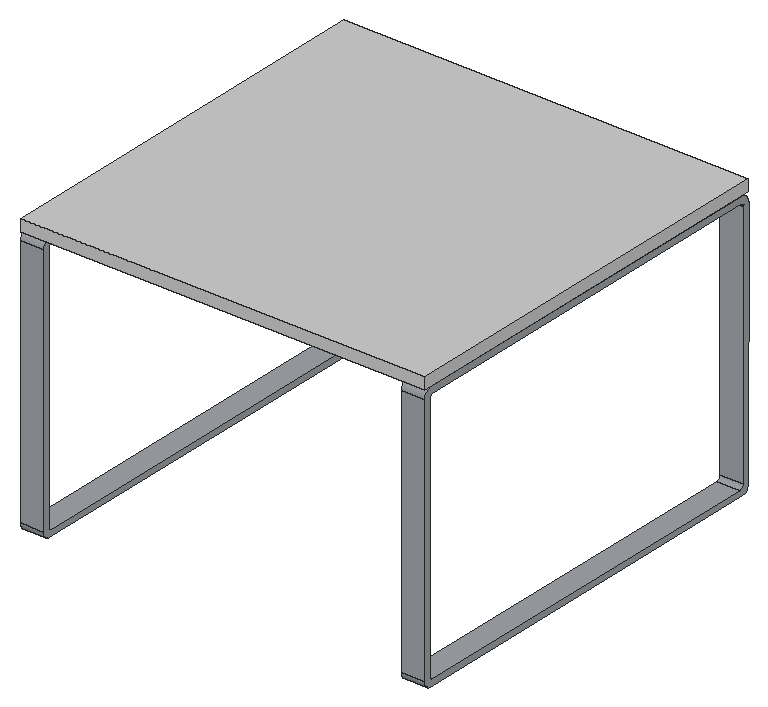
Revit family
Parameters
  URL = "http://www.martinbrattrud.com"
  Table [instance] = none
  SCS Certified Product = "Yes"
  Model = "Serif 532-26SLS"
  Manufacturer = "Martin Brattrud, Inc."
  Legs [instance] = none
  Keynote = "125000"
  Copyright = "© 2013 Martin Brattrud, Inc."
  Authoring Version = "Revit Architecture 2010"
  Assembly Code = "E2020200"
Reference planes (in)
  plane 1 "Center Front/Back": y = 0
  plane 2: z = 0
  plane 3 "Center Left/Right": x = 0
Forms (in)
  Extrusion 1, solid, material <- "Legs"
    sketch origin (-12.25, 0, 0) x (0, 1, 0) y (0, 0, 1)
      loop
        arc (13, 16.935) -> (12.85355, 17.28855) -> (12.5, 17.435) r 0.5
        line (12.5, 17.435) -> (-12.5, 17.435)
        arc (-12.5, 17.435) -> (-12.85355, 17.28855) -> (-13, 16.935) r 0.5
        line (-13, 16.935) -> (-13, 0.6875)
        arc (-13, 0.6875) -> (-12.85355, 0.33395) -> (-12.5, 0.1875) r 0.5
        line (-12.5, 0.1875) -> (12.5, 0.1875)
        arc (12.5, 0.1875) -> (12.85355, 0.33395) -> (13, 0.6875) r 0.5
        line (13, 0.6875) -> (13, 16.935)
      loop
        arc (12.625, 16.81) -> (12.55178, 16.98678) -> (12.375, 17.06) r 0.25
        line (12.375, 17.06) -> (-12.375, 17.06)
        arc (-12.375, 17.06) -> (-12.55178, 16.98678) -> (-12.625, 16.81) r 0.25
        line (-12.625, 16.81) -> (-12.625, 0.8125)
        arc (-12.625, 0.8125) -> (-12.55178, 0.63572) -> (-12.375, 0.5625) r 0.25
        line (-12.375, 0.5625) -> (12.375, 0.5625)
        arc (12.375, 0.5625) -> (12.55178, 0.63572) -> (12.625, 0.8125) r 0.25
        line (12.625, 0.8125) -> (12.625, 16.81)
    from -0.75 to 0.75
  Revolve 2, solid
    sketch origin (-12.25, -5, 0) x (0, 1, 0) y (0, 0, 1)
      loop
        line (-6.4375, 0) -> (-6.4375, 0.1875) -> (-7, 0.1875) -> (-7, 0.125)
        arc (-7, 0.125) -> (-6.96339, 0.03661) -> (-6.875, 0) r 0.125
        line (-6.875, 0) -> (-6.4375, 0)
      axis (-6.4375, 0) -> (-6.4375, 0.1875)
    angle from 0 to 360
  Revolve 3, solid
    sketch origin (-12.25, 17.875, 0) x (0, 1, 0) y (0, 0, 1)
      loop
        line (-6.4375, 0) -> (-6.4375, 0.1875) -> (-7, 0.1875) -> (-7, 0.125)
        arc (-7, 0.125) -> (-6.96339, 0.03661) -> (-6.875, 0) r 0.125
        line (-6.875, 0) -> (-6.4375, 0)
      axis (-6.4375, 0) -> (-6.4375, 0.1875)
    angle from 0 to 360
  Extrusion 4, solid, material <- "Legs"
    sketch origin (12.25, 0, 0) x (0, 1, 0) y (0, 0, -1)
      loop
        line (13, -16.935) -> (13, -0.6875)
        arc (13, -0.6875) -> (12.85355, -0.33395) -> (12.5, -0.1875) r 0.5
        line (12.5, -0.1875) -> (-12.5, -0.1875)
        arc (-12.5, -0.1875) -> (-12.85355, -0.33395) -> (-13, -0.6875) r 0.5
        line (-13, -0.6875) -> (-13, -16.935)
        arc (-13, -16.935) -> (-12.85355, -17.28855) -> (-12.5, -17.435) r 0.5
        line (-12.5, -17.435) -> (12.5, -17.435)
        arc (12.5, -17.435) -> (12.85355, -17.28855) -> (13, -16.935) r 0.5
      loop
        line (12.625, -16.81) -> (12.625, -0.8125)
        arc (12.625, -0.8125) -> (12.55178, -0.63572) -> (12.375, -0.5625) r 0.25
        line (12.375, -0.5625) -> (-12.375, -0.5625)
        arc (-12.375, -0.5625) -> (-12.55178, -0.63572) -> (-12.625, -0.8125) r 0.25
        line (-12.625, -0.8125) -> (-12.625, -16.81)
        arc (-12.625, -16.81) -> (-12.55178, -16.98678) -> (-12.375, -17.06) r 0.25
        line (-12.375, -17.06) -> (12.375, -17.06)
        arc (12.375, -17.06) -> (12.55178, -16.98678) -> (12.625, -16.81) r 0.25
    from -0.75 to 0.75
  Revolve 5, solid
    sketch origin (12.25, -5, 0) x (0, 1, 0) y (0, 0, -1)
      loop
        line (-6.4375, 0) -> (-6.875, 0)
        arc (-6.875, 0) -> (-6.96339, -0.03661) -> (-7, -0.125) r 0.125
        line (-7, -0.125) -> (-7, -0.1875) -> (-6.4375, -0.1875) -> (-6.4375, 0)
      axis (-6.4375, 0) -> (-6.4375, -0.1875)
    angle from 0 to 360
  Revolve 6, solid
    sketch origin (12.25, 17.875, 0) x (0, 1, 0) y (0, 0, -1)
      loop
        line (-6.4375, 0) -> (-6.875, 0)
        arc (-6.875, 0) -> (-6.96339, -0.03661) -> (-7, -0.125) r 0.125
        line (-7, -0.125) -> (-7, -0.1875) -> (-6.4375, -0.1875) -> (-6.4375, 0)
      axis (-6.4375, 0) -> (-6.4375, -0.1875)
    angle from 0 to 360
  Extrusion 7, solid, material <- "Table"
    sketch origin (0, 0, -2) x (1, 0, 0) y (0, 1, 0)
      loop
        line (-13, 13) -> (-13, -13) -> (13, -13) -> (13, 13) -> (-13, 13)
    from 19.4975 to 20.2475
